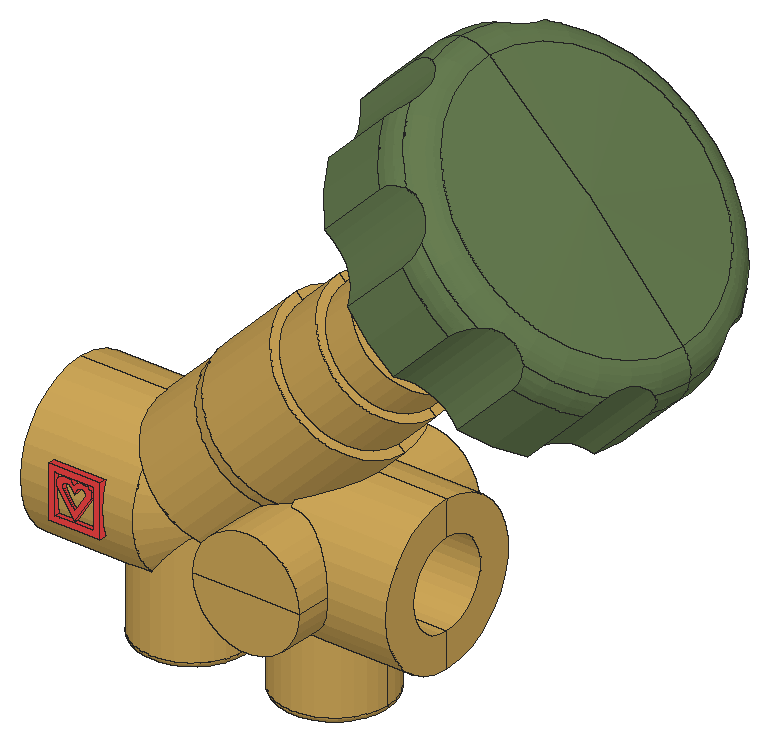
Revit family "Absperrventil 4125 AWD", category Rohrzubehör, Revit 2020
Family settings
  Bemaßung runder Anschluss = Durchmesser verwenden
  Teiletyp = Unterbricht
  OmniClass-Nummer = 23.65.55.14
  OmniClass-Titel = Valves for Liquid Services
  Arbeitsebenenbasiert = Nein
  Immer vertikal = Ja
  Beim Laden mit Abzugskörper schneiden = Nein
  Gemeinsam genutzt = Nein
Parameters
  W01 = 45.00°  # constant formula
  Vorgabe-Ansicht = 0.000 mm
  URL = "www.herz-armaturen.at"
  Technisch möglicher Einsatz = " "  # constant formula
  Spindel = "Messing CW617N"  # constant formula
  SW01 = 60.00°  # constant formula
  SC_NennweiteBerechnet = 0
  SC_Dimension = ""
  SCTWSEQ = "FW;SBT_TYP_FW=\"109\";2"
  SCTWCODE = "04;00;02"  # constant formula
  S03 = 60.000 mm  # constant formula
  S02 [instance] = L06 + L09 + L12 + L15  # 77.900 mm
  S01 [instance] = R01 * 2  # 27.000 mm
  R12 [instance] = R01 - 1.000 mm  # 12.500 mm
  R11 [instance] = size_lookup("4125AWD_", "R11", 46.500 mm, Nennweite)  # 5.100 mm
  R100 = 1.000 mm  # constant formula
  R10 [instance] = size_lookup("4125AWD_", "R10", 46.500 mm, Nennweite)  # 8.000 mm
  R09 [instance] = size_lookup("4125AWD_", "R9", 46.500 mm, Nennweite)  # 10.500 mm
  R08 [instance] = size_lookup("4125AWD_", "R8", 46.500 mm, Nennweite)  # 12.000 mm
  R07 [instance] = size_lookup("4125AWD_", "R7", 46.500 mm, Nennweite)  # 13.500 mm
  R06 [instance] = size_lookup("4125AWD_", "R6", 43.000 mm, Nennweite)  # 13.000 mm
  R05 [instance] = Nennweite / 2  # 7.500 mm
  R04 [instance] = size_lookup("4125AWD_", "R4", 11.500 mm, Nennweite)  # 9.500 mm
  R03 = 9.500 mm  # constant formula
  R02 [instance] = Nennweite / 2  # 7.500 mm
  R01 [instance] = size_lookup("4125AWD_", "R1", 11.500 mm, Nennweite)  # 13.500 mm
  Oberteil = "entzinkungsbeständiges Messing CW626N"  # constant formula
  Nennweite [instance] = 15.000 mm
  Min. Durchfluss bei Dp 10 kPa [instance] = if(Nennweite = 15.000 mm, 0.5 L/s, if(Nennweite = 20.000 mm, 1.0 L/s, if(Nennweite = 25.000 mm, 1.75 L/s, if(Nennweite = 32.000 mm, 3.0 L/s, if(Nennweite = 40.000 mm, 4.0 L/s, if(Nennweite = 50.000 mm, 6.75 L/s, if(Nennweite = 65.000 mm, 11.0 L/s, if(Nennweite = 80.000 mm, 16.0 L/s, 0.0 L/s))))))))  # 0.5 L/s
  Medium = "Trinkwasser"  # constant formula
  Max. Gebrauchstemperatur (ÖVGW) = 65 °C  # constant formula
  Max. Differenzdruck auf geschlossenen Sitz = 1000000.0 Pa  # constant formula
  Max. Betriebstemperatur = 80 °C  # constant formula
  Max. Betriebsdruck (ÖVGW) = 1000000.0 Pa  # constant formula
  Max. Betriebsdruck = 2000000.0 Pa  # constant formula
  L16 [instance] = L01 / 2  # 10.000 mm
  L15 [instance] = size_lookup("4125AWD_", "L15", 12.400 mm, Nennweite)  # 12.400 mm
  L14 [instance] = size_lookup("4125AWD_", "L14", 81.000 mm, Nennweite)  # 6.000 mm
  L12 [instance] = size_lookup("4125AWD_", "L12", 81.000 mm, Nennweite)  # 26.000 mm
  L11 [instance] = size_lookup("4125AWD_", "L11", 60.000 mm, Nennweite)  # 6.700 mm
  L10 [instance] = size_lookup("4125AWD_", "L10", 20.000 mm, Nennweite)  # 9.300 mm
  L09 [instance] = size_lookup("4125AWD_", "L9", 11.000 mm, Nennweite)  # 17.000 mm
  L08 [instance] = size_lookup("4125AWD_", "L8", 35.000 mm, Nennweite)  # 20.000 mm
  L07 [instance] = size_lookup("4125AWD_", "L7", 35.000 mm, Nennweite)  # 12.500 mm
  L06 [instance] = size_lookup("4125AWD_", "L6", 118.000 mm, Nennweite) - L09  # 22.500 mm
  L05 [instance] = size_lookup("4125AWD_", "L5", 44.000 mm, Nennweite)  # 20.500 mm
  L04 [instance] = size_lookup("4125AWD_", "L4", 45.000 mm, Nennweite)  # 19.500 mm
  L03 = 15.000 mm  # constant formula
  L02 [instance] = size_lookup("4125AWD_", "L2", 22.000 mm, Nennweite)  # 6.000 mm
  L01 [instance] = size_lookup("4125AWD_", "L1", 48.000 mm, Nennweite)  # 20.000 mm
  L00 [instance] = size_lookup("4125AWD_", "L", 180.000 mm, Nennweite)  # 65.000 mm
  Kegel = "entzinkungsbeständiges Messing CW626N"  # constant formula
  Hinweis = "Gemäß Art 33 der REACH-Verordnung (EG Nr. 1907/2006) sind wir verpflichtet, darauf hinzuweisen, dass der Stoff Blei auf der SVHC-Liste geführt wird und dass alle aus Messing bestehenden Bauteile, die in unseren Erzeugnissen verarbeitet sind, mehr als 0,1 % (w/w) Blei (CAS: 7439-92-1 / EINECS: 231-100-4) enthalten.\r\nDa Blei als Legierungsbestandteil fest gebunden ist, sind keine Expositionen zu erwarten und daher sind keine zusätzlichen Angaben zur sicheren Verwendung notwendig."
  Hersteller = "HERZ Armaturen Ges.m.b.H."  # constant formula
  Handrad = "Kunststoff, grün"  # constant formula
  H01 [instance] = size_lookup("4125AWD_", "H1", 53.000 mm, Nennweite)  # 24.000 mm
  Gelegentliche Temperaturanstiege = "bis 95°C, wenn sie nicht länger als 1 h andauern"  # constant formula
  Gehäuse = "entzinkungsbeständiges Gussmessing CC770S"  # constant formula
  Dichtungen = "EPDM nach KTW"  # constant formula
  DN80 [instance] = Nennweite = 80.000 mm  # no
  DN65 [instance] = Nennweite = 65.000 mm  # no
  DN50 [instance] = Nennweite = 50.000 mm  # no
  DN40 [instance] = Nennweite = 40.000 mm  # no
  DN32 [instance] = Nennweite = 32.000 mm  # no
  DN25 [instance] = Nennweite = 25.000 mm  # no
  DN20 [instance] = Nennweite = 20.000 mm  # no
  DN15 [instance] = Nennweite = 15.000 mm  # yes
  Bestellnummer [instance] = size_lookup("4125AWD_", "Artnr", 0, Nennweite)  # 2412571
  Anwendungsgebiet = "Zum Absperren von Trinkwasserleitungen in Gebäuden."
Reference planes
  plane 1 "Mitte (Vorne/hinten)": y = 0
  plane 2: z = 0
  plane 3 "Mitte (Links/rechts)": x = 0
Forms (mm)
  Revolve 1, solid, material "Messing, weicher Gelbton, geschweißt", detail levels fine
    sketch origin (470, 0, 0) x (1, 0, 0) y (0, 0, 1)
      loop
        line (-502.5, 7.5) -> (-487.5, 7.5) -> (-487.5, 0) -> (-452.5, 0) -> (-452.5, 7.5) -> (-437.5, 7.5) -> (-437.5, 13.5) -> (-457.5, 13.5) -> (-464, 7.5) -> (-476, 7.5) -> (-482.5, 13.5) -> (-502.5, 13.5) -> (-502.5, 7.5)
      axis (-502.5, 0) -> (-437.5, 0)
    angle from 0 to 360
  Revolve 2, solid, material "Messing, weicher Gelbton, geschweißt", detail levels fine
    sketch origin (470, 0, 0) x (1, 0, 0) y (0, 0, 1)
      loop
        line (-492, 0) -> (-492, -23)
        arc (-492, -23) -> (-491.707, -23.707) -> (-491, -24) r 1
        line (-491, -24) -> (-482.5, -24) -> (-482.5, 0) -> (-492, 0)
      axis (-482.5, 0) -> (-482.5, -24)
    angle from 0 to 360
  Revolve 3, solid, material "Messing, weicher Gelbton, geschweißt", detail levels fine
    sketch origin (0, 0, 0) x (1, 0, 0) y (0, 1, 0)
      loop
        line (12.5, -19.5) -> (22, -19.5) -> (22, 20.5) -> (12.5, 20.5) -> (12.5, -19.5)
      axis (12.5, -19.5) -> (12.5, 20.5)
    angle from 0 to 360
  Revolve 4, solid, material "Messing, weicher Gelbton, geschweißt", detail levels fine
    sketch origin (-470, 0, 0) x (-1, 0, 0) y (0, 0, 1)
      loop
        line (-492, 0) -> (-492, -23)
        arc (-492, -23) -> (-491.707, -23.707) -> (-491, -24) r 1
        line (-491, -24) -> (-482.5, -24) -> (-482.5, 0) -> (-492, 0)
      axis (-482.5, 0) -> (-482.5, -24)
    angle from 0 to 360
  Revolve 5, solid, material "Messing, weicher Gelbton, geschweißt", detail levels fine
    sketch origin (0.32, 0, -0.105) x (1, 0, 0) y (0, 0, 1)
      loop
        line (-12.82, 0) -> (42.264, 55.084) -> (38.657, 58.69) -> (29.889, 49.922) -> (27.839, 51.972) -> (20.767, 44.901) -> (19, 46.669) -> (14.262, 41.931) -> (13.201, 42.992) -> (6.625, 36.416) -> (5.565, 37.477) -> (-6.456, 25.456) -> (-7.87, 23.335) -> (-17.77, 13.435) -> (-18.123, 5.303) -> (-12.82, 0)
      axis (-12.82, 0) -> (42.264, 55.084)
    angle from 0 to 360
Lines and regions (mm)
  model lines, detail levels coarse+medium
    curve 1: line (-32.5, 0, 13.5) -> (-32.5, 0, -13.5)
    curve 2: line (-32.5, 0, -13.5) -> (32.5, 0, 13.5)
    curve 3: line (32.5, 0, 13.5) -> (32.5, 0, -13.5)
    curve 4: line (32.5, 0, -13.5) -> (-32.5, 0, 13.5)
    curve 5: line (0, 0, 0) -> (38.95, 0, 67.463)
    curve 6: line (12.969, 0, 82.463) -> (64.931, 0, 52.463)
    curve 7: line (-32.5, -13.5, 0) -> (-32.5, 13.5, 0)
    curve 8: line (-32.5, 13.5, 0) -> (32.5, -13.5, 0)
    curve 9: line (32.5, -13.5, 0) -> (32.5, 13.5, 0)
    curve 10: line (32.5, 13.5, 0) -> (-32.5, -13.5, 0)
    curve 11: line (0, 0, 0) -> (38.95, 67.463, 0)
    curve 12: line (12.969, 82.463, 0) -> (64.931, 52.463, 0)
Dimensions and locks
  "H01": plane 2 to Revolve 2 sketch curve
  "L00": Revolve 1 sketch curve to Revolve 1 sketch curve
  equal spacing: Revolve 1 sketch curve, plane 3 "Mitte (Links/rechts)", Revolve 1 sketch curve
  "R01": Revolve 1 sketch curve to Revolve 1 sketch curve  (x2)
  "R02": Revolve 1 sketch curve to Revolve 1 sketch curve  (x3)
  "L01": Revolve 1 sketch curve to Revolve 1 sketch curve  (x2)
  "L02": plane 3 "Mitte (Links/rechts)" to Revolve 1 sketch curve
  "L02": Revolve 1 sketch curve to plane 3 "Mitte (Links/rechts)"
  "L03": Revolve 1 sketch curve to Revolve 1 sketch curve  (x2)
  "L01": Revolve 1 to Revolve 2 sketch curve
  "R03": Revolve 2 sketch curve to Revolve 2 sketch curve
  "L01": Revolve 4 sketch curve to Revolve 1
  "R03": Revolve 4 sketch curve to Revolve 4 sketch curve
  "H01": plane 2 to Revolve 4 sketch curve
  "L04": Revolve 3 sketch curve to plane 1 "Mitte (Vorne/hinten)"
  "L05": plane 1 "Mitte (Vorne/hinten)" to Revolve 3 sketch curve
  "R04": Revolve 3 sketch curve to Revolve 3 sketch curve
  "L01": Revolve 3 sketch curve to Revolve 1
  "R07": Revolve 5 sketch curve to Revolve 5 sketch curve
  "L07": plane 3 "Mitte (Links/rechts)" to Revolve 5 sketch curve
  "R05": Revolve 5 sketch curve to Revolve 5 sketch curve
  "L06": Revolve 5 sketch curve to Revolve 5 sketch curve
  "L08": Revolve 5 sketch curve to Revolve 5 sketch curve
  "R06": Revolve 5 sketch curve to Revolve 5 sketch curve
  "L14": Revolve 5 sketch curve to Revolve 5 sketch curve
  "L09": Revolve 5 sketch curve to Revolve 5 sketch curve
  "R08": Revolve 5 sketch curve to Revolve 5 sketch curve
  "L10": Revolve 5 sketch curve to Revolve 5 sketch curve
  "R09": Revolve 5 sketch curve to Revolve 5 sketch curve
  "R10": Revolve 5 sketch curve to Revolve 5 sketch curve
  "L12": Revolve 5 sketch curve to Revolve 5 sketch curve
  "R11": Revolve 5 sketch curve to Revolve 5 sketch curve
  "L15": Revolve 5 sketch curve to Revolve 5 sketch curve
  "L11": Revolve 5 sketch curve to Revolve 5 sketch curve
  "R12": nested 9 to plane 1 "Mitte (Vorne/hinten)"
  "L16": Revolve 1 to nested 9
  equal spacing: curve 1, plane 3 "Mitte (Links/rechts)", curve 3
  "L00": curve 1 to curve 3
  equal spacing: curve 4, plane 2, curve 2
  "S01": curve 4 to curve 1
  "S01": curve 3 to curve 4
  equal spacing: curve 3, plane 2, curve 4
  "S02": curve 5 to curve 5
  equal spacing: curve 6, curve 5, curve 6
  "S03": curve 6 to curve 6
  equal spacing: curve 7, plane 3 "Mitte (Links/rechts)", curve 9
  "L00": curve 7 to curve 9
  equal spacing: curve 10, plane 1 "Mitte (Vorne/hinten)", curve 8
  "S01": curve 8 to curve 10
  equal spacing: curve 9, plane 1 "Mitte (Vorne/hinten)", curve 10
  "S01": curve 10 to curve 9
  "S02": curve 11 to curve 11
  equal spacing: curve 12, curve 11, curve 12
  "S03": curve 12 to curve 12
  "R100": radius of Revolve 2 sketch curve
  "R100": radius of Revolve 4 sketch curve
  "W01": angle plane 2 to Revolve 5 sketch curve
  "W01": angle level to Revolve 5 sketch curve
  "SW01": angle plane 2 to curve 5
  "SW01": angle plane 1 "Mitte (Vorne/hinten)" to curve 11
  aligned and locked: level to plane 2
Automatic sketch dimensions
  curve 5 to level = 0.000 mm
  plane 1 "Mitte (Vorne/hinten)" to curve 11 = 0.000 mm
  Revolve 1 sketch curve to level = 0.000 mm  (x2)
  Revolve 1 sketch curve to Revolve 1 sketch curve = 791.990 mm
  Revolve 1 sketch curve to Revolve 1 sketch curve = 2278.983 mm
  Revolve 2 sketch curve to level = 0.000 mm  (x2)
  Revolve 2 sketch curve to Revolve 2 sketch curve = 0.000 mm
  Revolve 2 sketch curve to Revolve 2 sketch curve = 0.292 mm
  Revolve 3 sketch curve to Revolve 3 sketch curve = 0.000 mm  (x3)
  Revolve 4 sketch curve to level = 0.000 mm  (x2)
  Revolve 4 sketch curve to Revolve 4 sketch curve = 0.000 mm
  Revolve 4 sketch curve to Revolve 4 sketch curve = 0.292 mm
  Revolve 5 sketch curve to level = 0.105 mm
  Revolve 5 sketch curve to Revolve 5 sketch curve = 0.000 mm  (x2)
Nested families
  nested 1: "Strömax-Handrad_Schrägsitz (Grün)" at (42.584, 0, 54.979), visible <- "DN15", type "Strömax-Handrad_Schrägsitz (Grün)", detail levels fine
    with Nennweite 0.000 mm, Gewicht 0.00 kg, Bestellnummer 0
  nested 2: "Strömax-Handrad_Schrägsitz (Grün)" at (54.312, 0, 67.707), visible <- "DN20", type "Strömax-Handrad_Schrägsitz (Grün)", detail levels fine
    with Nennweite 0.000 mm, Gewicht 0.00 kg, Bestellnummer 0
  nested 3: "Strömax-Handrad_Schrägsitz (Grün)" at (62.469, 0, 80.364), visible <- "DN25", type "Strömax-Handrad_Schrägsitz (Grün)", detail levels fine
    with Nennweite 0.000 mm, Gewicht 0.00 kg, Bestellnummer 0
  nested 4: "Strömax-Handrad_Schrägsitz (Grün)" at (71.712, 0, 91.607), visible <- "DN32", type "Strömax-Handrad_Schrägsitz (Grün)", detail levels fine
    with Nennweite 0.000 mm, Gewicht 0.00 kg, Bestellnummer 0
  nested 5: "Strömax-Handrad_Schrägsitz (Grün)" at (80.399, 0, 101.294), visible <- "DN40", type "Strömax-Handrad_Schrägsitz (Grün)", detail levels fine
    with Nennweite 0.000 mm, Gewicht 0.00 kg, Bestellnummer 0
  nested 6: "Strömax-Handrad_Schrägsitz (Grün)" at (97.83, 0, 129.225), visible <- "DN50", type "Strömax-Handrad_Schrägsitz (Grün)", detail levels fine
    with Nennweite 0.000 mm, Gewicht 0.00 kg, Bestellnummer 0
  nested 7: "Strömax-Handrad_Schrägsitz (Grün)" at (114.482, 0, 149.378), visible <- "DN65", type "Strömax-Handrad_Schrägsitz (Grün)", detail levels fine
    with Nennweite 0.000 mm, Gewicht 0.00 kg, Bestellnummer 0
  nested 8: "Strömax-Handrad_Schrägsitz (Grün)" at (140.423, 0, 183.319), visible <- "DN80", type "Strömax-Handrad_Schrägsitz (Grün)", detail levels fine
    with Nennweite 0.000 mm, Gewicht 0.00 kg, Bestellnummer 0
  nested 9: "Herz-Logo-vorne" at (-22.5, -13.232, 0) x (0, 1, 0) z (0, 0, 1), type "Herz-Logo-vorne", detail levels fine
Connectors
  piping at (-17.5, 0, 0), diameter 15, driven by "Nennweite"
    settings: on Revolve 1, index 1, connector inside diameter 609.6 mm, connector length 0.000 mm, flow factor 0, pipe flow 0.0 L/s, pressure drop 0.0 Pa, fitting loss kfactor 0, connector angle 0.00°, fixture units 0, engagement length 0.000 mm, angle of deflection 0.00°, flow configuration 0, flow direction 1, fitting loss method 0, system type 29, joint type 0, gender type 0, connector reference index -1, connector utility 0, adjustable connector no, is connector primary yes, connector description ""
  piping at (17.5, 0, 0), diameter 15, driven by "Nennweite"
    settings: on Revolve 1, index 2, connector inside diameter 609.6 mm, connector length 0.000 mm, flow factor 0, pipe flow 0.0 L/s, pressure drop 0.0 Pa, fitting loss kfactor 0, connector angle 0.00°, fixture units 0, engagement length 0.000 mm, angle of deflection 0.00°, flow configuration 0, flow direction 2, fitting loss method 0, system type 29, joint type 0, gender type 0, connector reference index -1, connector utility 0, adjustable connector no, is connector primary no, connector description ""
Definition of nested family "Strömax-Handrad_Schrägsitz (Grün)"
  Parameters (values of type "Strömax-Handrad_Schrägsitz (Grün)")
    Default Elevation = 0.000 mm
    URL = "www.herz-armaturen.at"
    Nennweite [instance] = 0.000 mm
    Manufacturer = "Herz Armaturen GmbH"  # constant formula
    Gewicht [instance] = 0.00 kg
    Bestellnummer [instance] = 0
  Reference planes
    plane 1 "Mitte (Vorne/hinten)": y = 0
    plane 2: z = 0
    plane 3 "Mitte (Links/rechts)": x = 0
  Forms (mm)
    Revolve 1, solid
      sketch origin (0, 0, 0) x (0.707107, 0, -0.707107) y (0.707107, 0, 0.707107)
        loop
          line (0, 0) -> (0, 22)
          arc (0, 22) -> (-12.15, 21.705) -> (-24.271, 20.819) r 250
          arc (-24.271, 20.819) -> (-26.831, 19.959) -> (-28.754, 18.063) r 6
          arc (-28.754, 18.063) -> (-29.682, 16.008) -> (-30, 13.776) r 8
          line (-30, 13.776) -> (-30, 0) -> (0, 0)
        axis (0, 22) -> (0, 0)
      angle from 0 to 360
    Extrusion 2, void
      sketch origin (0, 0, 0) x (0.707107, 0, -0.707107) y (0, 1, 0)
        loop
          circle (14.351, -34.645) r 10
      from 0 to 22
    Extrusion 3, void
      sketch origin (0, 0, 0) x (-0.707107, 0, 0.707107) y (0, -1, 0)
        loop
          circle (14.351, 34.645) r 10
      from 0 to 22
    Extrusion 4, void
      sketch origin (0, 0, 0) x (0, -1, 0) y (0.707107, 0, -0.707107)
        loop
          circle (14.351, 34.645) r 10
      from 0 to 22
    Extrusion 5, void
      sketch origin (0, 0, 0) x (0, 1, 0) y (-0.707107, 0, 0.707107)
        loop
          circle (14.351, -34.645) r 10
      from 0 to 22
    Extrusion 6, void
      sketch origin (0, 0, 0) x (0, -1, 0) y (0.707107, 0, -0.707107)
        loop
          circle (14.351, -34.645) r 10
      from 0 to 22
    Extrusion 7, void
      sketch origin (0, 0, 0) x (0, 1, 0) y (-0.707107, 0, 0.707107)
        loop
          circle (14.351, 34.645) r 10
      from 0 to 22
    Extrusion 8, void
      sketch origin (0, 0, 0) x (0.707107, 0, -0.707107) y (0, 1, 0)
        loop
          circle (14.351, 34.645) r 10
      from 0 to 22
    Extrusion 9, void
      sketch origin (0, 0, 0) x (-0.707107, 0, 0.707107) y (0, -1, 0)
        loop
          circle (14.351, -34.645) r 10
      from 0 to 22
  Cuts and joins
    Extrusion 2, Extrusion 3, Extrusion 4, Extrusion 5, Extrusion 6, Extrusion 7, Extrusion 8, Extrusion 9 cuts Revolve 1
  Dimensions and locks
    aligned and locked: level to plane 2
Definition of nested family "Herz-Logo-vorne"
  Parameters (values of type "Herz-Logo-vorne")
    Default Elevation = 0.000 mm
  Reference planes
    plane 1 "Mitte (Vorne/hinten)": y = 0
    plane 2: z = 0
    plane 3 "Mitte (Links/rechts)": x = 0
  Forms (mm)
    Extrusion 1, solid
      sketch origin (0.732, -0.018, 0.017) x (0, -1, 0) y (0, 0, 1)
        loop
          line (-0.018, -4.517) -> (4.482, -4.517) -> (4.482, 4.483) -> (-4.518, 4.483) -> (-4.518, -4.517) -> (-0.018, -4.517)
        loop
          line (-0.05, -3.48) -> (3.482, -3.48) -> (3.482, 3.483) -> (-3.518, 3.483) -> (-3.518, -3.48) -> (-0.05, -3.48)
        loop
          arc (-0.018, 2.383) -> (-1.543, 3.287) -> (-3.067, 2.383) r 1.738
          arc (-3.067, 2.383) -> (-3.191, 1.899) -> (-3.067, 1.415) r 1.009
          line (-3.067, 1.415) -> (-0.018, -3.281) -> (3.032, 1.415)
          arc (3.032, 1.415) -> (3.156, 1.899) -> (3.032, 2.383) r 1.009
          arc (3.032, 2.383) -> (1.507, 3.287) -> (-0.018, 2.383) r 1.738
        loop
          arc (1.885, 1.272) -> (2.005, 1.675) -> (1.885, 2.079) r 0.74
          arc (1.885, 2.079) -> (1.265, 2.416) -> (0.644, 2.079) r 0.74
          line (0.644, 2.079) -> (-0.018, 0.97) -> (-0.679, 2.079)
          arc (-0.679, 2.079) -> (-1.3, 2.416) -> (-1.921, 2.079) r 0.74
          arc (-1.921, 2.079) -> (-2.04, 1.675) -> (-1.921, 1.272) r 0.74
          line (-1.921, 1.272) -> (-0.018, -1.658) -> (1.885, 1.272)
      from 0 to 1.5
  Dimensions and locks
    aligned and locked: level to plane 2
